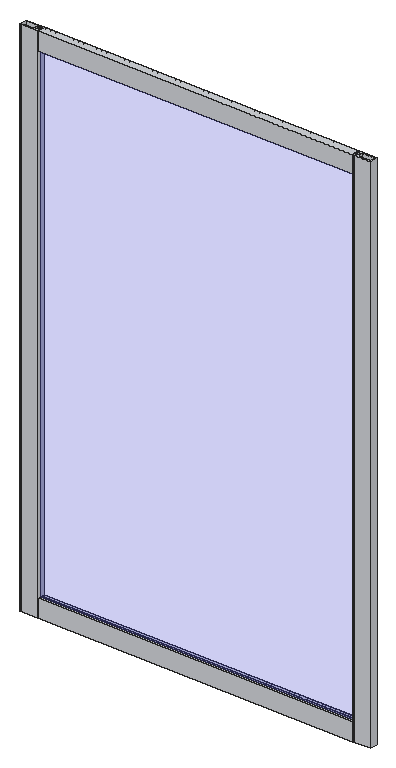
Revit family "Hastings 550 Front Glazed Plant On Sections", category Windows, host Wall, Revit 2021
Family settings
  Host = Wall
  OmniClass Number = 23.30.20.00
  OmniClass Title = Windows
  Always vertical = Yes
  Cut with Voids When Loaded = No
  Shared = No
  Room Calculation Point = No
Parameters
  Single Glazed [instance] = yes
  Rough Width = 0 mm  # constant formula
  Rough Height = 0 mm  # constant formula
  Height [instance] = 1500 mm
  Double Glazed [instance] = not(Single Glazed)  # no
  Default Sill Height = 800 mm
  Wall Closure = By host
  Width [instance] = 1000 mm
Reference planes
  plane 1 "Center (Front/Back)": y = 0
  plane 2 "Center (Left/Right)": x = 0
  plane 3 "Left": x = -500
  plane 4 "Right": x = 500
  plane 5 "Sill": z = 800
  plane 6 "Head": z = 2300
  plane 7 "Exterior": y = 100
  plane 8 "Interior": y = -100
Lines and regions (mm)
  Opening 1
    outline origin (3500, -100, 0) x (1, 0, 0) y (0, 0, 1)
      loop
        line (-3000, 800) -> (-3000, 2300) -> (-4000, 2300) -> (-4000, 800) -> (-3000, 800)
Text (mm)
  text "Exterior" at (-1963.203, 1332.353, 0), in view "Ref. Level"
  text "Interior" at (-1981.466, -818.386, 0), in view "Ref. Level"
  text "Exterior" at (0, 923.751, 2943.296), in view "Right"
  text "Exterior" at (0, 1040.484, 2685.409), in view "Left"
Dimensions and locks
  equal spacing: plane 3 "Left", plane 2 "Center (Left/Right)", plane 4 "Right"
  "Width": plane 3 "Left" to plane 4 "Right"
  "Height": plane 5 "Sill" to plane 6 "Head"
  "Default Sill Height": plane 5 "Sill" to level
  locked: plane 7 "Exterior" to host wall
  locked: plane 8 "Interior" to host wall
  aligned and locked: host wall to nested 1
  aligned and locked: nested 1 to plane 3 "Left"
  aligned and locked: nested 1 to plane 4 "Right"
  aligned and locked: nested 1 to plane 6 "Head"
  aligned and locked: nested 1 to plane 5 "Sill"
Automatic sketch dimensions
  Opening 1 sketch curve to plane 3 "Left" = 0 mm
  Opening 1 sketch curve to plane 4 "Right" = 0 mm
  Opening 1 sketch curve to plane 5 "Sill" = 0 mm
  Opening 1 sketch curve to plane 6 "Head" = 0 mm
Nested families
  nested 1: "Hastings 550 Front Glazed Plant On Sections" at (0, -0.979, 411.318), type "Hastings 550 Front Glazed Plant On Sections"
    with Width 1000 mm, Height 1500 mm, Glass Thk Control 6 mm, Glass Thickness 6 mm, Glass Glass, Frame Material none
Definition of nested family "Hastings 550 Front Glazed Plant On Sections"
  Parameters (values of type "Hastings 550 Front Glazed Plant On Sections")
    Width [instance] = 750 mm
    URL = "https://www.alspec.com.au/derwent-76mm-centre-pocket-framing"
    Manufacturer = "ALSPEC"
    Jamb Thickness = 50 mm  # constant formula
    Height [instance] = 750 mm
    Glass Thk Control [instance] = if(Glass Thickness > 14 mm, 14 mm, if(Glass Thickness < 4 mm, 4 mm, Glass Thickness))  # 6 mm
    Glass Thickness [instance] = 6 mm
    Glass [instance] = none
    Frame Material [instance] = none
    Designer = "Viraj Mhatre"
    Default Elevation = 0 mm
  Reference planes
    plane 1 "Center (Front/Back)": y = 0.979
    plane 2: z = 368.682
    plane 3 "Center (Left/Right)": x = 0
    plane 4 "Head Top": z = 1138.682
    plane 5 "Sill Bottom": z = 388.682
    plane 6: x = -375
    plane 7: x = -325
    plane 8: x = 325
    plane 9: x = 375
    plane 10: y = 3.979
    plane 11: y = -2.021
  Forms (mm)
    Extrusion 1, solid, material <- "Glass"
      sketch origin (0, 0, 368.682) x (1, 0, 0) y (0, 1, 0)
        loop
          line (-337, 3.979) -> (-337, -2.021) -> (337, -2.021) -> (337, 3.979) -> (-337, 3.979)
      from 58 to 732
    Sweep 2, solid, material <- "Frame Material"
      path origin (0, 0, 368.682) x (1, 0, 0) y (0, 1, 0)
        loop
          line (325, 3.905) -> (337, 3.905) -> (337, -1.946) -> (325, -1.946) -> (325, -9.195) -> (375, -9.195) -> (375, 12.305) -> (325, 12.305) -> (325, 3.905)
      profile origin (325, 8.105, 368.682) x (-1, 0, 0) y (0, 0, 1)
        loop
          line (0, 20) -> (0, 770) -> (-2, 770) -> (-2, 20) -> (0, 20)
    Sweep 3, solid, material <- "Frame Material"
      path origin (0, 0, 368.682) x (1, 0, 0) y (0, 1, 0)
        loop
          line (-325, 3.905) -> (-325, 12.305) -> (-375, 12.305) -> (-375, -9.195) -> (-325, -9.195) -> (-325, -1.946) -> (-337, -1.946) -> (-337, 3.905) -> (-325, 3.905)
      profile origin (-325, 8.105, 368.682) x (-1, 0, 0) y (0, 0, 1)
        loop
          line (0, 20) -> (2, 20) -> (2, 770) -> (0, 770) -> (0, 20)
    Sweep 4, solid, material <- "Frame Material"
      path origin (0, 0, 0) x (0, 1, 0) y (0, 0, 1)
        loop
          line (3.905, 1088.682) -> (12.305, 1088.682) -> (12.305, 1138.682) -> (-9.195, 1138.682) -> (-9.195, 1088.682) -> (-1.946, 1088.682) -> (-1.946, 1100.682) -> (3.905, 1100.682) -> (3.905, 1088.682)
      profile origin (0, 8.105, 1088.682) x (0, 0, 1) y (1, 0, 0)
        loop
          line (0, -325) -> (2, -325) -> (2, 325) -> (0, 325) -> (0, -325)
    Sweep 5, solid, material <- "Frame Material"
      path origin (0, 0, 0) x (0, 1, 0) y (0, 0, 1)
        loop
          line (3.905, 438.682) -> (3.905, 426.682) -> (-1.946, 426.682) -> (-1.946, 438.682) -> (-9.195, 438.682) -> (-9.195, 388.682) -> (12.305, 388.682) -> (12.305, 438.682) -> (3.905, 438.682)
      profile origin (0, 8.105, 438.682) x (0, 0, 1) y (1, 0, 0)
        loop
          line (0, -325) -> (0, 325) -> (-2, 325) -> (-2, -325) -> (0, -325)
  Dimensions and locks
    "Height": plane 4 "Head Top" to plane 5 "Sill Bottom"
    "Jamb Thickness": plane 6 to plane 7
    "Jamb Thickness": plane 8 to plane 9
    equal spacing: plane 10, plane 1 "Center (Front/Back)", plane 11
    "Glass Thickness": plane 10 to plane 11
    equal spacing: plane 6, plane 3 "Center (Left/Right)", plane 9
    "Width": plane 6 to plane 9
    locked: plane 5 "Sill Bottom" to level at 20
    aligned and locked: level to plane 2
    aligned and locked: Extrusion 1 sketch curve to plane 10
    aligned and locked: plane 11 to Extrusion 1 sketch curve
    aligned and locked: plane 1 "Center (Front/Back)" to import instance  (x3)
    aligned and locked: plane 6 to import instance
    aligned and locked: plane 9 to import instance
    aligned and locked: import instance to plane 1 "Center (Front/Back)"
    aligned and locked: plane 4 "Head Top" to import instance
    aligned and locked: import instance to plane 5 "Sill Bottom"
    aligned and locked: Sweep 2 sketch curve to import instance  (x7)
    aligned and locked: import instance to Sweep 2 sketch curve
    aligned and locked: Sweep 3 sketch curve to import instance  (x7)
    aligned and locked: import instance to Sweep 3 sketch curve
    aligned and locked: Sweep 4 sketch curve to import instance  (x7)
    aligned and locked: import instance to Sweep 4 sketch curve
    aligned and locked: Sweep 5 sketch curve to import instance  (x7)
    aligned and locked: import instance to Sweep 5 sketch curve
    aligned and locked: Sweep 3 sketch curve to plane 4 "Head Top"
    aligned and locked: plane 5 "Sill Bottom" to Sweep 3 sketch curve
    aligned and locked: plane 4 "Head Top" to Sweep 2 sketch curve
    aligned and locked: Sweep 2 sketch curve to plane 5 "Sill Bottom"
    aligned and locked: Sweep 4 sketch curve to plane 8
    aligned and locked: plane 7 to Sweep 4 sketch curve
    aligned and locked: plane 8 to Sweep 5 sketch curve
    aligned and locked: Sweep 5 sketch curve to plane 7
    aligned and locked: Extrusion 1 to Sweep 5
    aligned and locked: Extrusion 1 to Sweep 4
    aligned and locked: Extrusion 1 to Sweep 3
    aligned and locked: Extrusion 1 to Sweep 2
  Automatic sketch dimensions
    Extrusion 1 sketch curve to plane 7 = 12 mm
    plane 8 to Extrusion 1 sketch curve = 12 mm
    Sweep 2 sketch curve to profile plane = 0 mm
    profile plane to Sweep 2 sketch curve = 2 mm
    Sweep 3 sketch curve to profile plane = 0 mm
    Sweep 3 sketch curve to profile plane = 2 mm
    Sweep 4 sketch curve to profile plane = 0 mm
    Sweep 4 sketch curve to profile plane = 2 mm
    Sweep 5 sketch curve to profile plane = 0 mm
    profile plane to Sweep 5 sketch curve = 2 mm
